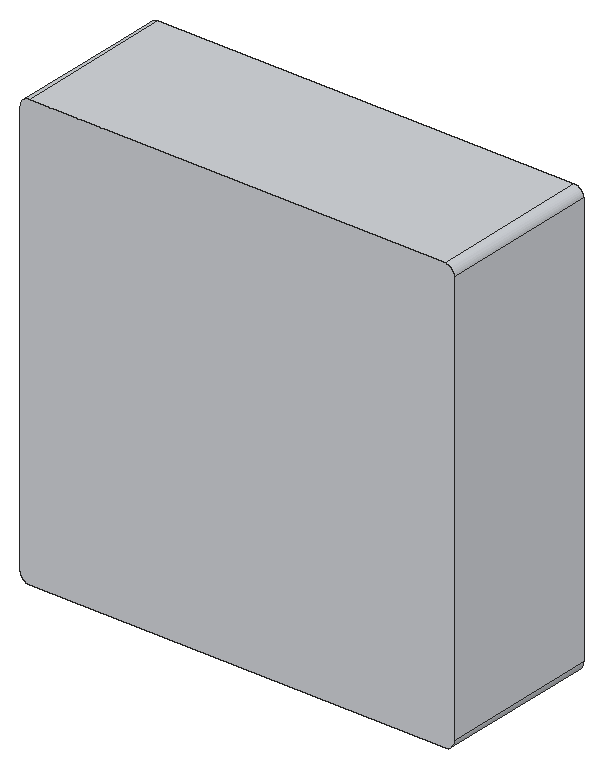
Revit family "Atlas_Sound_IP-SM_Wall_Flush_Mounted", category Communication Devices, host Wall, Revit 2016
Family settings
  Host = Wall
  Maintain Annotation Orientation = No
  Part Type = Normal
  Round Connector Dimension = Use Diameter
  Always vertical = Yes
  Cut with Voids When Loaded = No
  Shared = No
  Room Calculation Point = No
Parameters
  Warranty Duration (Years) = 0
  URL = "https://www.atlasied.com/ip-sm"
  Specification = ""
  SpecWizard = ""
  Send Message = ""
  Sales Information = ""
  Revision = ""
  Product Properties = ""
  Product Data = "https://www.atlasied.com/f/5898/ipx-series-endpoint-speaker-install-sheet.pdf"
  OmniClass Title = ""
  OmniClass Number = ""
  MasterFormat04 Keynote = ""
  Manufacturer's Notes = ""
  Manufacturer Website = "https://www.atlasied.com/"
  Manufacturer Phone - Toll Free = "800-876-3333"
  Manufacturer Phone = "602-438-4545"
  Manufacturer Fax = "602-438-8692"
  Manufacturer Email = ""
  Manufacturer Address = "4545 E. Baseline Rd. Phoenix, AZ 85040"
  Manufacturer = "Atlas Sound"
  Maintenance Schedule (Months) = 0
  Installation-Fabrication = "https://www.atlasied.com/f/5898/ipx-series-endpoint-speaker-install-sheet.pdf"
  Installation Phase = ""
  Green Building-LEED = ""
  Expected Lifespan (Years) = 0
  Drawn By = "Matt Wunch"
  Description = "POE+ indoor wall / ceiling mount IP speaker with paging microphone"
  Copyright = "Arcat, Inc. ©2018"
  Construction Details = ""
  Company_ID = 38830
  Category = ""
  Building Codes = ""
Reference planes (in)
  plane 1: y = 0
  plane 2 "Center (Left/Right)": x = 0
  plane 3 "Wall Edge": y = 3
Text (in)
  text "Placement Side" at (0, 40.15149, 123.01588), in view "Right"
  text "Placement Side" at (-70.3804, 28.46503, 0), in view "Ref. Level"
  text "Placement Side" at (0, 81.62555, 140.59947), in view "Left"
Dimensions and locks (in)
  locked: plane 3 "Wall Edge" to host wall
Nested families (in)
  nested 1: "Nested_Family_IP-SM" at (0, 3, 48) x (0, 0, -1) z (0, 1, 0), type "Nested_Family_IP-SM"
Connectors (in)
  electrical at (0, 3, 48)
    settings: on nested 1, index 1, voltage 0 V, apparent load 0 VA, apparent load phase1 0 VA, apparent load phase2 0 VA, apparent load phase3 0 VA, power factor 1, load classification "Other", number of poles 1, system type 14, power factor state 1, is connector primary yes, connector utility no, sub classification motor no, connector description ""
Definition of nested family "Nested_Family_IP-SM"
  Parameters (values of type "Nested_Family_IP-SM")
    Warranty Duration (Years) = 0
    URL = ""
    Specification = ""
    SpecWizard = ""
    Send Message = ""
    Sales Information = ""
    Revision = ""
    Product Properties = ""
    Product Data = ""
    OmniClass Title = ""
    OmniClass Number = ""
    Model = ""
    MasterFormat04 Keynote = ""
    Manufacturer's Notes = ""
    Manufacturer Website = ""
    Manufacturer Phone - Toll Free = ""
    Manufacturer Phone = ""
    Manufacturer Fax = ""
    Manufacturer Email = ""
    Manufacturer Address = ""
    Manufacturer = ""
    Maintenance Schedule (Months) = 0
    Length = 0' - 11 1/2"
    Installation-Fabrication = ""
    Installation Phase = ""
    Green Building-LEED = ""
    Expected Lifespan (Years) = 0
    Drawn By = "Matt Wunch"
    Description = ""
    Default Elevation = 4' - 0"
    Copyright = "Arcat, Inc. ©2018"
    Construction Details = ""
    Company_ID = 38830
    Category = ""
    Building Codes = ""
  Reference planes (in)
    plane 1 "Center (Front/Back)": y = 0
    plane 2: z = 0
    plane 3 "Center (Left/Right)": x = 0
    plane 4: x = -5.75
    plane 5: x = 5.75
    plane 6: y = -5.75
    plane 7: y = 5.75
  Forms (in)
    Extrusion 1, solid
      sketch origin (0, 0, 0) x (1, 0, 0) y (0, 1, 0)
        loop
          arc (-5.5, 5.75) -> (-5.67678, 5.67678) -> (-5.75, 5.5) r 0.25
          line (-5.75, 5.5) -> (-5.75, -5.5)
          arc (-5.75, -5.5) -> (-5.67678, -5.67678) -> (-5.5, -5.75) r 0.25
          line (-5.5, -5.75) -> (5.5, -5.75)
          arc (5.5, -5.75) -> (5.67678, -5.67678) -> (5.75, -5.5) r 0.25
          line (5.75, -5.5) -> (5.75, 5.5)
          arc (5.75, 5.5) -> (5.67678, 5.67678) -> (5.5, 5.75) r 0.25
          line (5.5, 5.75) -> (-5.5, 5.75)
      from -4.25 to 0
  Lines and regions (in)
    model lines
      curve 1: line (-5.375, 5.25, 0) -> (5.375, 5.25, 0)
      curve 2: line (-5.625, -5, 0) -> (-5.625, 5, 0)
      curve 3: line (5.375, -5.25, 0) -> (-5.375, -5.25, 0)
      curve 4: line (5.625, 5, 0) -> (5.625, -5, 0)
      curve 5: arc (-5.625, 5, 0) -> (-5.55178, 5.17678, 0) -> (-5.375, 5.25, 0) r 0.25
      curve 6: arc (5.375, 5.25, 0) -> (5.55178, 5.17678, 0) -> (5.625, 5, 0) r 0.25
      curve 7: arc (5.625, -5, 0) -> (5.55178, -5.17678, 0) -> (5.375, -5.25, 0) r 0.25
      curve 8: arc (-5.375, -5.25, 0) -> (-5.55178, -5.17678, 0) -> (-5.625, -5, 0) r 0.25
  Dimensions and locks (in)
    equal spacing: plane 4, plane 3 "Center (Left/Right)", plane 5
    "Length": plane 4 to plane 5
    equal spacing: plane 7, plane 1 "Center (Front/Back)", plane 6
    "Length": plane 7 to plane 6
    aligned and locked: plane 2 to level
    aligned and locked: Extrusion 1 sketch curve to plane 4
    aligned and locked: Extrusion 1 sketch curve to plane 7
    aligned and locked: Extrusion 1 sketch curve to plane 5
    aligned and locked: Extrusion 1 sketch curve to plane 6
  Automatic sketch dimensions
    Extrusion 1 sketch curve to plane 4 = 0' - 0 1/4"  (x2)
    Extrusion 1 sketch curve to plane 5 = 0' - 0 1/4"  (x2)
    curve 8 to Extrusion 1 = 0' - 0 3/8"
    curve 5 to Extrusion 1 = 0' - 0 3/8"
    curve 6 to Extrusion 1 = 0' - 0 3/8"
    curve 7 to Extrusion 1 = 0' - 0 3/8"
    curve 8 to Extrusion 1 = 0' - 0 3/4"
    curve 6 to Extrusion 1 = 0' - 0 3/4"
    curve 2 to Extrusion 1 = 0' - 0 1/8"
    curve 6 to Extrusion 1 = 0' - 0 1/8"
